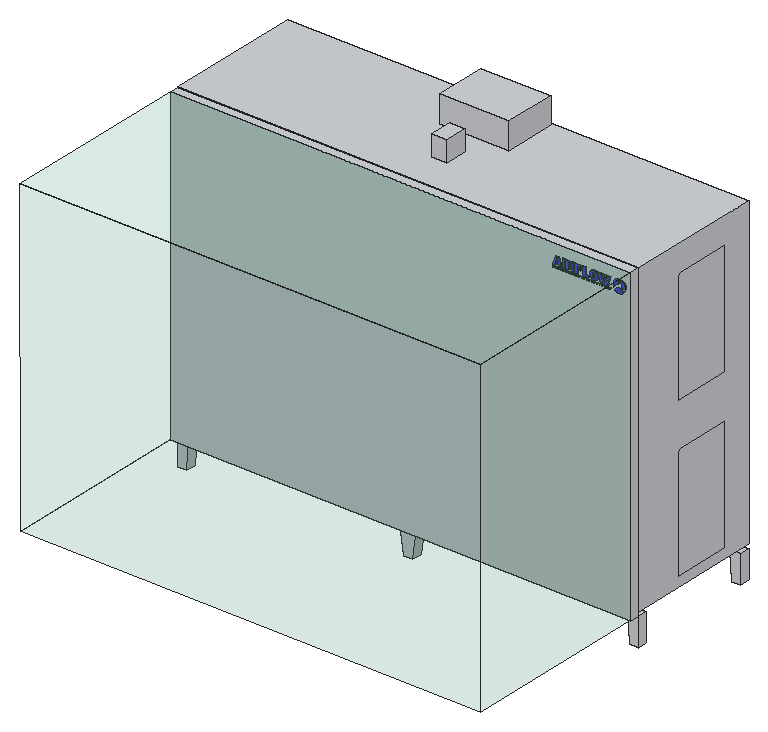
Revit family "DUPLEXVENT Flexi DV3600", category Mechanical Equipment, Revit 2015
Parameters (values of type "FLEXI DV3600")
  e-mail = "info@airflow.com"
  Width mm = "2450"
  Weekly clock control as a standard feature = "Yes"
  Web site = "www.airflow.com"
  Water or DX heating and cooling coils (optional) = "Yes"
  Warranty = "3 Years"
  Voltage Supply      Single Phase = "400v ac"
  Versatile positioning (floor/ceiling installation) = "Yes"
  Unique triple filter design = ""
  Telephone = "01494 525252"
  Technical support = "01494 560950"
  Supply air filter = "F7"
  Summer By-pass = "Automatic"
  SAP Appendix Q Eligible = "No"
  Pre-heater = "Optional  13500 W"
  Post-heater = "Optional  13500 W"
  Passive House Certified = "Yes"
  Model = "FLEXI DV3600"
  Part number = "90000070"
  Meets Building Regulations Approved Document F 2010 = "Yes"
  Max Air Volume  m3/hr = "4000"
  Internet connection = "Yes"
  ISO9001   Quality Assurance approved = ""
  ISO14001 Environmental Management approved = ""
  IP Rating = ""
  Humidity control (optional) = "Yes"
  Height mm = "1660"
  Heat Recovery = ">90%"
  Heat Exchanger = "Counterflow"
  Frost protection = "Included"
  Frequency = "50Hz"
  Filter maintenance reminder = "Yes"
  Fan input = "446-1480 W DC"
  Extract air filter = "M5"
  Excellent heat recovery efficiency of the counter flow cell = "Yes"
  Electronic control panel with LCD display = "Yes"
  EC motor for fine speed control = "Yes"
  Duct Connections = "4 x 600x300mm dia"
  Depth mm = "780"
  Control Standard = "Digital - 10 Speed,BMS (MODBUS) + Internet"
  Control Optional = "Humidity,CO2,Air quality"
  Condensate pipe dia = "21mm"
  Carbon dioxide control (optional) = "Yes"
  Built-in electric heater (standard) = ""
  Balanced supply and extract air ventilation with heat recovery = "Yes"
  Automatic cut-out switch = ""
  Airflow Developments Limited = "Lancaster Road,Cressex Business Park,HighWycombe,HP12 3QP"
  Air Volume @ Pa = "3600@200Pa"
  100% Summer/Winter by-pass = "Yes"
Reference planes
  plane 1 "Center (Front/Back)": y = 0
  plane 2: z = 0
  plane 3 "Center (Left/Right)": x = 0
  plane 4: y = -1000
  plane 5: x = 1250
  plane 6: x = -1250
Forms (mm)
  Extrusion 1, solid
    sketch origin (0, 0, 0) x (0, 1, 0) y (0, 0, 1)
      loop
        line (617, 825) -> (317, 825) -> (317, 225) -> (617, 225) -> (617, 825)
    from 1036.729 to 1225
  Extrusion 2, solid
    sketch origin (0, 0, 840) x (0, 1, 0) y (0, 0, 1)
      loop
        line (617, 825) -> (317, 825) -> (317, 225) -> (617, 225) -> (617, 825)
    from 1036.729 to 1225
  Extrusion 3, solid
    sketch origin (0, 0, 0) x (0, 1, 0) y (0, 0, -1)
      loop
        line (617, -825) -> (617, -225) -> (317, -225) -> (317, -825) -> (617, -825)
    from 1157.68 to 1225
  Extrusion 4, solid
    sketch origin (0, 0, 840) x (0, 1, 0) y (0, 0, -1)
      loop
        line (617, -825) -> (617, -225) -> (317, -225) -> (317, -825) -> (617, -825)
    from 1157.68 to 1225
  Extrusion 5, solid, material "Clearance - Daikin - Green (80% Transparent)"
    sketch origin (-3528.454, 1679.903, 0) x (1, 0, 0) y (0, 1, 0)
      loop
        line (2303.454, -1679.903) -> (2303.454, -2679.903) -> (4753.454, -2679.903) -> (4753.454, -1679.903) -> (2303.454, -1679.903)
    from 150 to 1810
  Extrusion 6, solid, material "Default New Material"
    sketch origin (775.503, 0.182, 1158.367) x (1, 0, 0) y (0, 0, 1)
      loop
        line (33.662, 546.992) -> (47.504, 546.992) -> (49.8, 554.501) -> (64.199, 554.501) -> (66.495, 546.992) -> (80.707, 546.992) -> (64.23, 592.263) -> (50.139, 592.263) -> (33.662, 546.992)
    from 0 to 2
  Extrusion 7, solid, material "Default New Material"
    sketch origin (793.003, 0.182, 1158.367) x (1, 0, 0) y (0, 0, 1)
      loop
        line (69.991, 592.263) -> (69.991, 546.992) -> (81.006, 546.992) -> (81.006, 592.263) -> (69.991, 592.263)
    from 0 to 2
  Extrusion 8, solid, material "Default New Material"
    sketch origin (801.753, 0.182, 1156.492) x (1, 0, 0) y (0, 0, 1)
      loop
        line (80.196, 594.421) -> (80.196, 549.269) -> (93.366, 549.269) -> (93.366, 564.757) -> (103.042, 564.757)
        arc (103.042, 564.757) -> (105.945, 561.42) -> (106.877, 557.096) r 8.876
        arc (106.877, 557.096) -> (106.978, 553.159) -> (107.589, 549.269) r 30.266
        line (107.589, 549.269) -> (120.811, 549.269) -> (120.034, 552.165)
        arc (120.034, 552.165) -> (119.324, 562.114) -> (114.35, 570.758) r 22.312
        arc (114.35, 570.758) -> (120.1, 584.759) -> (108.45, 594.421) r 12.774
        line (108.45, 594.421) -> (80.196, 594.421)
    from 0 to 2
  Extrusion 9, solid, material "Default New Material"
    sketch origin (821.753, 0.182, 1158.992) x (1, 0, 0) y (0, 0, 1)
      loop
        line (107.47, 592.03) -> (107.47, 547.811) -> (121.006, 547.811) -> (121.006, 565.157) -> (138.209, 565.157) -> (138.209, 575.182) -> (121.006, 575.182) -> (121.006, 580.832) -> (141.27, 580.832) -> (141.27, 592.03) -> (107.47, 592.03)
    from 0 to 2
  Extrusion 10, solid, material "Default New Material"
    sketch origin (838.003, 0.182, 1150.867) x (1, 0, 0) y (0, 0, 1)
      loop
        line (131.775, 600.068) -> (131.775, 555.608) -> (164.524, 555.608) -> (164.524, 566.494) -> (145.386, 566.494) -> (145.386, 600.068) -> (131.775, 600.068)
    from 0 to 2
  Extrusion 11, solid, material "Default New Material"
    sketch origin (857.378, 0.182, 1164.617) x (1, 0, 0) y (0, 0, 1)
      loop
        line (150.928, 566.262) -> (150.928, 557.838)
        arc (150.928, 557.838) -> (172.103, 540.791) -> (193.278, 557.838) r 21.675
        line (193.278, 557.838) -> (193.278, 566.262)
        arc (193.278, 566.262) -> (172.103, 587.437) -> (150.928, 566.262) r 21.175
    from 0 to 2
  Extrusion 12, solid, material "Default New Material"
    sketch origin (871.128, 0.182, 1165.242) x (1, 0, 0) y (0, 0, 1)
      loop
        line (180.086, 586.527) -> (192.731, 539.337) -> (207.266, 539.337) -> (211.814, 568.052) -> (216.877, 539.337) -> (231.678, 539.337) -> (244.322, 586.527) -> (229.562, 586.527) -> (224.384, 559.884) -> (218.233, 586.527) -> (205.528, 586.527) -> (200.223, 559.235) -> (193.922, 586.527) -> (180.086, 586.527)
    from 0 to 2
  Extrusion 13, solid, material "Default New Material"
    sketch origin (913.003, 0.182, 1164.617) x (1, 0, 0) y (0, 0, 1)
      loop
        arc (221.303, 544.682) -> (232.336, 558.541) -> (247.466, 567.754) r 50.651
        arc (247.466, 567.754) -> (247.504, 579.86) -> (244.131, 591.486) r 42.547
        arc (244.131, 591.486) -> (223.132, 572.759) -> (221.303, 544.682) r 37.116
    from 0 to 2
  Extrusion 14, solid, material "Default New Material"
    sketch origin (909.253, 0.182, 1142.742) x (1, 0, 0) y (0, 0, 1)
      loop
        arc (232.653, 557.878) -> (258.976, 547.801) -> (283.475, 561.739) r 32.985
        arc (283.475, 561.739) -> (266.143, 564.019) -> (250.499, 571.82) r 52.926
        arc (250.499, 571.82) -> (240.936, 565.669) -> (232.653, 557.878) r 62.148
    from 0 to 2
  Extrusion 15, solid, material "Default New Material"
    sketch origin (918.628, 0.182, 1162.117) x (1, 0, 0) y (0, 0, 1)
      loop
        arc (249.42, 593.599) -> (255.124, 579.573) -> (256.146, 564.467) r 47.706
        arc (256.146, 564.467) -> (266.559, 557.722) -> (278.738, 555.349) r 32.649
        arc (278.738, 555.349) -> (272.504, 580.931) -> (249.42, 593.599) r 32.657
    from 0 to 2
  Extrusion 16, void
    sketch origin (775.503, 180.382, 1158.367) x (1, 0, 0) y (0, 0, 1)
      loop
        line (50.895, 558.084) -> (63.104, 558.084) -> (57, 578.051) -> (50.895, 558.084)
    from 180.2 to 183
  Extrusion 17, void
    sketch origin (801.753, 180.382, 1157.742) x (1, 0, 0) y (0, 0, 1)
      loop
        line (93.366, 582.916) -> (93.366, 572.444) -> (104.52, 572.444)
        arc (104.52, 572.444) -> (108.275, 577.68) -> (104.52, 582.916) r 5.528
        line (104.52, 582.916) -> (93.366, 582.916)
    from 180.2 to 183
  Extrusion 18, void
    sketch origin (859.565, 180.382, 1155.867) x (1, 0, 0) y (0, 0, 1)
      loop
        line (162.775, 575.888) -> (162.775, 569.468)
        arc (162.775, 569.468) -> (169.969, 562.274) -> (177.164, 569.468) r 7.195
        line (177.164, 569.468) -> (177.164, 575.888)
        arc (177.164, 575.888) -> (169.969, 583.083) -> (162.775, 575.888) r 7.195
    from 180.2 to 183
  Extrusion 19, solid, material "PVC, Flexible"
    sketch origin (808.003, 179.382, 1143.367) x (1, 0, 0) y (0, 0, 1)
      loop
        line (4.524, 555.993) -> (4.524, 554.731) -> (307.911, 554.731) -> (307.911, 555.993) -> (4.524, 555.993)
    from 179 to 181
  Extrusion 20, solid, material "PVC, Flexible"
    sketch origin (808.003, 179.382, 1139.293) x (1, 0, 0) y (0, 0, 1)
      loop
        line (4.524, 555.993) -> (4.524, 554.731) -> (307.911, 554.731) -> (307.911, 555.993) -> (4.524, 555.993)
    from 179 to 181
  Extrusion 21, solid
    sketch origin (0, 0, 0) x (1, 0, 0) y (0, 1, 0)
      loop
        line (-1225, 45) -> (-1225, 0) -> (1225, 0) -> (1225, 45) -> (-1225, 45)
    from 150 to 1810
  Extrusion 22, solid
    sketch origin (0, 0, 0) x (1, 0, 0) y (0, 1, 0)
      loop
        line (-185, 765) -> (-185, 490) -> (185, 490) -> (185, 765) -> (-185, 765)
    from 1810 to 1950
  Extrusion 23, solid
    sketch origin (0, 0, 0) x (1, 0, 0) y (0, 1, 0)
      loop
        line (-33, 367) -> (-33, 247) -> (47, 247) -> (47, 367) -> (-33, 367)
    from 1810 to 1920
  Blend 24, solid
    base sketch origin (0, 0, 0) x (1, 0, 0) y (0, 1, 0)
      loop
        line (-1225, 780) -> (-1225, 730) -> (-1167, 730) -> (-1167, 780) -> (-1225, 780)
    top sketch origin (0, 0, 0) x (1, 0, 0) y (0, 1, 0)
      loop
        line (-1225, 780) -> (-1225, 730) -> (-1179, 730) -> (-1179, 780) -> (-1225, 780)
    from 150 to 0
  Blend 25, solid
    base sketch origin (0, 0, 0) x (1, 0, 0) y (0, 1, 0)
      loop
        line (-45, 780) -> (-45, 730) -> (45, 730) -> (45, 780) -> (-45, 780)
    top sketch origin (0, 0, 0) x (1, 0, 0) y (0, 1, 0)
      loop
        line (-25, 780) -> (-25, 730) -> (25, 730) -> (25, 780) -> (-25, 780)
    from 150 to 0
  Blend 26, solid
    base sketch origin (0, 0, 0) x (1, 0, 0) y (0, 1, 0)
      loop
        line (1167, 780) -> (1167, 730) -> (1225, 730) -> (1225, 780) -> (1167, 780)
    top sketch origin (0, 0, 0) x (1, 0, 0) y (0, 1, 0)
      loop
        line (1179, 780) -> (1179, 730) -> (1225, 730) -> (1225, 780) -> (1179, 780)
    from 150 to 0
  Blend 27, solid
    base sketch origin (0, 0, 0) x (1, 0, 0) y (0, 1, 0)
      loop
        line (1167, 100) -> (1167, 50) -> (1225, 50) -> (1225, 100) -> (1167, 100)
    top sketch origin (0, 0, 0) x (1, 0, 0) y (0, 1, 0)
      loop
        line (1179, 100) -> (1179, 50) -> (1225, 50) -> (1225, 100) -> (1179, 100)
    from 150 to 0
  Blend 28, solid
    base sketch origin (0, 0, 0) x (1, 0, 0) y (0, 1, 0)
      loop
        line (-1225, 100) -> (-1225, 50) -> (-1167, 50) -> (-1167, 100) -> (-1225, 100)
    top sketch origin (0, 0, 0) x (1, 0, 0) y (0, 1, 0)
      loop
        line (-1225, 100) -> (-1225, 50) -> (-1179, 50) -> (-1179, 100) -> (-1225, 100)
    from 150 to 0
  Blend 29, solid
    base sketch origin (0, 0, 0) x (1, 0, 0) y (0, 1, 0)
      loop
        line (-45, 100) -> (-45, 50) -> (45, 50) -> (45, 100) -> (-45, 100)
    top sketch origin (0, 0, 0) x (1, 0, 0) y (0, 1, 0)
      loop
        line (-25, 100) -> (-25, 50) -> (25, 50) -> (25, 100) -> (-25, 100)
    from 150 to 0
  Extrusion 30, solid
    sketch origin (0, 0, 0) x (1, 0, 0) y (0, 1, 0)
      loop
        line (-185, 765) -> (-185, 490) -> (185, 490) -> (185, 765) -> (-185, 765)
    from 1810 to 1950
  Extrusion 31, solid
    sketch origin (0, 0, 0) x (1, 0, 0) y (0, 1, 0)
      loop
        line (-33, 367) -> (-33, 247) -> (47, 247) -> (47, 367) -> (-33, 367)
    from 1810 to 1920
  Extrusion 32, solid
    sketch origin (0, 0, 0) x (1, 0, 0) y (0, 1, 0)
      loop
        line (-1225, 780) -> (-1225, 50) -> (1225, 50) -> (1225, 780) -> (-1225, 780)
    from 171.36 to 1810
Cuts and joins
  Extrusion 16, Extrusion 17, Extrusion 18 cuts Extrusion 5
  Extrusion 16 cuts Extrusion 6
  Extrusion 17 cuts Extrusion 8
  Extrusion 18 cuts Extrusion 11
Dimensions and locks
  plane 4 to plane 1 "Center (Front/Back)" = 1000 mm
  aligned and locked: Extrusion 5 to plane 4
Connectors
  hvac at (1225, 467, 1365)
    settings: on Extrusion 2, index 1, duct flow 0.0 L/s, flow factor 0, pres drop 0.0 Pa, loss coef 0, conn angle 0.00°, conn width 300 mm, conn height 600 mm, conn diameter 609.6 mm, duct sys type 2, conn prof type 1, flow config 0, flow direction 2, loss method 0, conn ref index -1, conn util no, is conn primary yes, conn desc ""
  hvac at (1225, 467, 525)
    settings: on Extrusion 1, index 2, duct flow 0.0 L/s, flow factor 0, pres drop 0.0 Pa, loss coef 0, conn angle 0.00°, conn width 300 mm, conn height 600 mm, conn diameter 609.6 mm, duct sys type 1, conn prof type 1, flow config 0, flow direction 1, loss method 0, conn ref index -1, conn util no, is conn primary no, conn desc ""
  hvac at (-1225, 467, 1365)
    settings: on Extrusion 4, index 3, duct flow 0.0 L/s, flow factor 0, pres drop 0.0 Pa, loss coef 0, conn angle 0.00°, conn width 300 mm, conn height 600 mm, conn diameter 609.6 mm, duct sys type 1, conn prof type 1, flow config 0, flow direction 2, loss method 0, conn ref index -1, conn util no, is conn primary no, conn desc ""
  hvac at (-1225, 467, 525)
    settings: on Extrusion 3, index 4, duct flow 0.0 L/s, flow factor 0, pres drop 0.0 Pa, loss coef 0, conn angle 0.00°, conn width 300 mm, conn height 600 mm, conn diameter 609.6 mm, duct sys type 2, conn prof type 1, flow config 0, flow direction 1, loss method 0, conn ref index -1, conn util no, is conn primary no, conn desc ""
